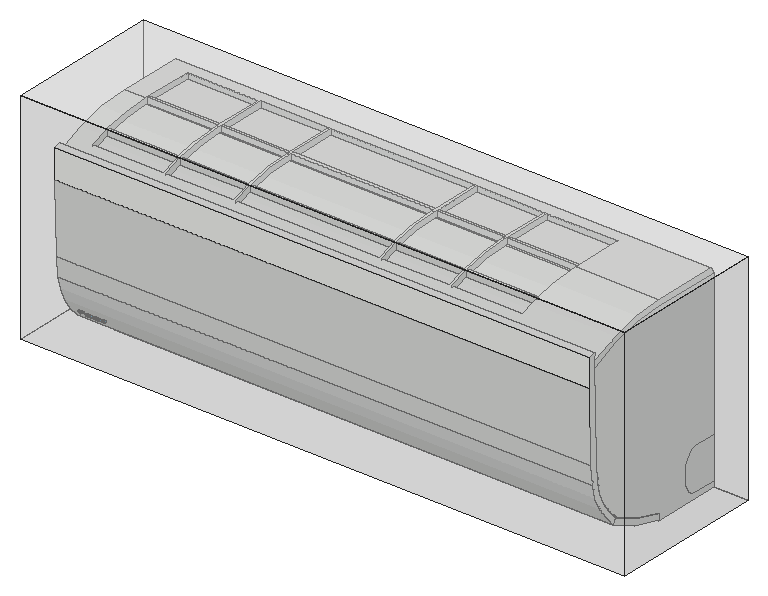
Revit family "outputfile", category 機械設備, Revit 2024
Family settings
  丸型コネクタ寸法 = 半径を使用
  パーツ タイプ = 標準
  OmniClass 番号 = 23.75.10.24.21.27.27
  OmniClass タイトル = Split System Air Conditioning Units
  作業面ベース = いいえ
  常に垂直 = はい
  ロード時にボイドで切り取り = いいえ
  注釈の向きを維持 = いいえ
  共有 = いいえ
  部屋計算ポイント = いいえ
Parameters (values of type "FTXF46W2VMA")
  Description = ""
  書き出し IFC クラス(タイプ) = "IfcUnitaryEquipmentType"
  定義済み IFC タイプ(タイプ) = "AIRCONDITIONINGUNIT"
  Cost = 0
  Type Comments = ""
  Keynote = ""
  Type Image = (empty or 0)
  Assembly Code = ""
  w_wall hole = if(Width = 770.0 mm, 48.0 mm, 60.0 mm)  # 48.0 mm
  製造元 = "Daikin"
  モデル = "FTXF46W2VMA"
  switch_frequency = yes
  r_Liquid Pipe Size = Liquid Pipe Size / 2  # 3.2 mm
  r_Gas Pipe Size = Gas Pipe Size / 2  # 6.35 mm
  r_Drain Pipe Size = Drain Pipe Size / 2  # 8.0 mm
  lw_powersupply [instance] = if(Width = 770.0 mm, if(or(Rear Right Connection_refrigerant, Bottom Right Connection_refrigerant), 25.0 mm, if(or(Rear Left Connection_refrigerant, Bottom Left Connection_refrigerant), 745.0 mm, 400.0 mm)), if(Width = 990.0 mm, if(or(Rear Right Connection_refrigerant, Bottom Right Connection_refrigerant), 40.0 mm, if(or(Rear Left Connection_refrigerant, Bottom Left Connection_refrigerant), 920.0 mm, 400.0 mm)), if(or(Rear Right Connection_refrigerant, Bottom Right Connection_refrigerant), 40.0 mm, if(or(Rear Left Connection_refrigerant, Bottom Left Connection_refrigerant), 920.0 mm, 400.0 mm))))  # 400.0 mm
  lw_liquidpipe [instance] = if(Width = 770.0 mm, if(or(Rear Right Connection_refrigerant, Bottom Right Connection_refrigerant), 0.0 mm, if(or(Rear Left Connection_refrigerant, Bottom Left Connection_refrigerant), 664.0 mm, 385.0 mm)), if(Width = 990.0 mm, if(or(Rear Right Connection_refrigerant, Bottom Right Connection_refrigerant), 0.0 mm, if(or(Rear Left Connection_refrigerant, Bottom Left Connection_refrigerant), 664.0 mm + (990.0 mm - 770.0 mm), 475.0 mm)), if(or(Rear Right Connection_refrigerant, Bottom Right Connection_refrigerant), 0.0 mm, if(or(Rear Left Connection_refrigerant, Bottom Left Connection_refrigerant), 664.0 mm + (990.0 mm - 770.0 mm), 475.0 mm))))  # 385.0 mm
  lw_gaspipe [instance] = if(Width = 770.0 mm, if(or(Rear Right Connection_refrigerant, Bottom Right Connection_refrigerant), 0.0 mm, if(or(Rear Left Connection_refrigerant, Bottom Left Connection_refrigerant), 675.0 mm, if(Gas Pipe Size = 12.7 mm, 335.0 mm, 335.0 mm))), if(Width = 990.0 mm, if(or(Rear Right Connection_refrigerant, Bottom Right Connection_refrigerant), 10.0 mm, if(or(Rear Left Connection_refrigerant, Bottom Left Connection_refrigerant), 890.0 mm, if(Gas Pipe Size = 15.9 mm, 400.0 mm, 400.0 mm))), if(or(Rear Right Connection_refrigerant, Bottom Right Connection_refrigerant), 10.0 mm, if(or(Rear Left Connection_refrigerant, Bottom Left Connection_refrigerant), 890.0 mm, if(Gas Pipe Size = 15.9 mm, 400.0 mm, 400.0 mm)))))  # 335.0 mm
  lw_drainpipe [instance] = if(Width = 770.0 mm, if(or(Rear Right Connection_refrigerant, Bottom Right Connection_refrigerant), 0.0 mm, if(or(Rear Left Connection_refrigerant, Bottom Left Connection_refrigerant), 770.0 mm - 48.0 mm - 48.0 mm, 440.0 mm)), if(Width = 990.0 mm, if(or(Rear Right Connection_refrigerant, Bottom Right Connection_refrigerant), 0.0 mm, if(or(Rear Left Connection_refrigerant, Bottom Left Connection_refrigerant), 675.0 mm + (990.0 mm - 770.0 mm), 435.0 mm)), if(or(Rear Right Connection_refrigerant, Bottom Right Connection_refrigerant), 0.0 mm, if(or(Rear Left Connection_refrigerant, Bottom Left Connection_refrigerant), 675.0 mm + (990.0 mm - 770.0 mm), 435.0 mm))))  # 440.0 mm
  l_powersupply_length [instance] = if(Width = 770.0 mm, if(Right Connection_refrigerant, 400.0 mm, if(Left Connection_refrigerant, 770.0 mm - 400.0 mm, if(or(Rear Left Connection_refrigerant, Rear Right Connection_refrigerant), 15.0 mm, 50.0 mm))), if(Width = 990.0 mm, if(Right Connection_refrigerant, 400.0 mm, if(Left Connection_refrigerant, 990.0 mm - 400.0 mm, if(or(Rear Left Connection_refrigerant, Rear Right Connection_refrigerant), 15.0 mm, 50.0 mm))), if(Right Connection_refrigerant, 400.0 mm, if(Left Connection_refrigerant, 990.0 mm - 400.0 mm, if(or(Rear Left Connection_refrigerant, Rear Right Connection_refrigerant), 15.0 mm, 50.0 mm)))))  # 400.0 mm
  l_liquidpipe_length [instance] = if(Width = 770.0 mm, if(Right Connection_refrigerant, 433.0 mm, if(Left Connection_refrigerant, 337.0 mm, if(or(Rear Left Connection_refrigerant, Rear Right Connection_refrigerant), 30.0 mm, 40.0 mm))), if(Width = 990.0 mm, if(Right Connection_refrigerant, 535.0 mm, if(Left Connection_refrigerant, 455.0 mm, if(or(Rear Left Connection_refrigerant, Rear Right Connection_refrigerant), 30.0 mm, 40.0 mm))), if(Right Connection_refrigerant, 535.0 mm, if(Left Connection_refrigerant, 455.0 mm, if(or(Rear Left Connection_refrigerant, Rear Right Connection_refrigerant), 30.0 mm, 40.0 mm)))))  # 433.0 mm
  l_gaspipe_length [instance] = if(Width = 770.0 mm, if(Right Connection_refrigerant, if(Gas Pipe Size = 12.7 mm, 383.0 mm, 383.0 mm), if(Left Connection_refrigerant, if(Gas Pipe Size = 12.7 mm, 770.0 mm - 383.0 mm, 770.0 mm - 383.0 mm), if(or(Rear Left Connection_refrigerant, Rear Right Connection_refrigerant), 40.0 mm, 50.0 mm))), if(Width = 990.0 mm, if(Right Connection_refrigerant, if(Gas Pipe Size = 15.9 mm, 460.0 mm, 460.0 mm), if(Left Connection_refrigerant, if(Gas Pipe Size = 15.9 mm, 990.0 mm - 460.0 mm, 990.0 mm - 460.0 mm), if(or(Rear Left Connection_refrigerant, Rear Right Connection_refrigerant), 40.0 mm, 50.0 mm))), if(Right Connection_refrigerant, if(Gas Pipe Size = 15.9 mm, 460.0 mm, 460.0 mm), if(Left Connection_refrigerant, if(Gas Pipe Size = 15.9 mm, 990.0 mm - 460.0 mm, 990.0 mm - 460.0 mm), if(or(Rear Left Connection_refrigerant, Rear Right Connection_refrigerant), 40.0 mm, 50.0 mm)))))  # 383.0 mm
  l_drainpipe_length [instance] = if(Width = 770.0 mm, if(Right Connection_refrigerant, 488.0 mm, if(Left Connection_refrigerant, 282.0 mm, if(or(Rear Left Connection_refrigerant, Rear Right Connection_refrigerant), 15.0 mm, 20.0 mm))), if(Width = 990.0 mm, if(Right Connection_refrigerant, 495.0 mm, if(Left Connection_refrigerant, 495.0 mm, if(or(Rear Left Connection_refrigerant, Rear Right Connection_refrigerant), 15.0 mm, 20.0 mm))), if(Right Connection_refrigerant, 495.0 mm, if(Left Connection_refrigerant, 495.0 mm, if(or(Rear Left Connection_refrigerant, Rear Right Connection_refrigerant), 15.0 mm, 20.0 mm)))))  # 488.0 mm
  h*** = 0.0 mm  # constant formula
  connector_voltage = Voltage_50Hz  # 230 V
  connector_powerinput = if([Power Input (Cooling)] > [Power Input (Heating)], [Power Input (Cooling)], [Power Input (Heating)])  # 0.000 kW
  connector_phase = Phase_50Hz  # 1
  angle_vertical [instance] = if(or(Bottom Left Connection_refrigerant, Bottom Right Connection_refrigerant), 0.00°, 90.00°)  # 90.00°
  angle_horizontal [instance] = if(Right Connection_refrigerant, 90.00°, if(Left Connection_refrigerant, -90.00°, if(or(Rear Left Connection_refrigerant, Rear Right Connection_refrigerant), 180.00°, 0.00°)))  # 90.00°
  Width = 770.0 mm
  Voltage_comment_50Hz = "220 - 240"
  Voltage_50Hz = 230 V
  Version = "ver.1.0"
  Unit Type = "Wall Mounted"
  Unit Mass Weight = 9.00 kg
  Unit Designation [instance] = ""
  Uniclass2015Version = "Products v1.30"
  Uniclass2015Title = "Split coil room air conditioning units"
  Uniclass2015Code = "Pr_70_65_03_86"
  URL = ""
  Total Heating Capacity [instance] = 0.000 kW
  Total Cooling Capacity [instance] = 0.000 kW
  Sound Pressure Level_M speed (dBA) = 39
  Sound Pressure Level_L speed (dBA) = 35
  Sound Pressure Level_H speed (dBA) = 44
  Sound Power Level_H speed (dB) = 0
  Series = "Single Split_Fan Coil Unit"
  Sensible Cooling Capacity [instance] = 0.000 kW
  Refrigerant Type = "R32"
  Power Input (Heating) = 0.000 kW
  Power Input (Cooling) = 0.000 kW
  Phase_50Hz = 1
  Option Accessory 3 [instance] = ""
  Option Accessory 2 [instance] = ""
  Option Accessory 1 [instance] = ""
  Nominal Heating Capacity = 4.700 kW
  Nominal Cooling Capacity = 4.600 kW
  Minimum Circuit Amps_50Hz = 0.0 A
  Minimum Airflow = 498.00 m³/h
  Median Airflow = 606.00 m³/h
  Maximum Fuse Amps_50Hz = 0.0 A
  Maximum Airflow = 720.00 m³/h
  Material_Casing = DAIKIN_PureWhite_Casing_indoorunit
  Load Classification = HVAC
  Liquid Pipe Size = 6.4 mm
  Link_Nested Family [instance] = ""
  IfcVersion = ""
  IfcExportType = "AIRCONDITIONINGUNIT"
  IfcExportAs = "IfcUnitaryEquipmentType"
  Height = 285.0 mm
  Heating Entering Wet Bulb Temperature [instance] = 0.00 °C
  Heating Entering Dry Bulb Temperature [instance] = 0.00 °C
  Heating Ambient Wet Bulb Temperature [instance] = 0.00 °C
  Heating Ambient Dry Bulb Temperature [instance] = 0.00 °C
  Heat Exchanger Type = "Cross Fin Coil"
  Gas Pipe Size = 12.7 mm
  Frequency_50Hz = 50 Hz
  Fan Type = "Cross Flow Fan"
  Fan Drive = "Direct Drive"
  FCU Tag No. [instance] = ""
  Drain Pipe Size = 16.0 mm
  Design Supply Airflow [instance] = 0.00 m³/h
  Depth = 223.0 mm
  既定の高さ = 0.0 mm
  Cooling Entering Wet Bulb Temperature [instance] = 0.00 °C
  Cooling Entering Dry Bulb Temperature [instance] = 0.00 °C
  Cooling Ambient Wet Bulb Temperature [instance] = 0.00 °C
  Cooling Ambient Dry Bulb Temperature [instance] = 0.00 °C
  Clearance visibility [instance] = yes
  Clearance Top = 30.0 mm
  Clearance Right = 50.0 mm
  Clearance Rear = 0.0 mm
  Clearance Left = 50.0 mm
  Clearance Front = 0.0 mm
  Clearance Bottom = 0.0 mm
  Bottom Right Connection_refrigerant [instance] = no
  Bottom Left Connection_refrigerant [instance] = no
  Rear Right Connection_refrigerant [instance] = no
  Rear Left Connection_refrigerant [instance] = no
  Right Connection_refrigerant [instance] = yes
  Left Connection_refrigerant [instance] = no
Reference planes
  plane 1 "Back": y = 0
  plane 2: z = 0
  plane 3 "Center (Left/Right)": x = 0
  plane 4 "Center (Front/Back)": y = -111.5
  plane 5 "Front": y = -223
  plane 6 "Left": x = -385
  plane 7 "Right": x = 385
  plane 8 "Top": z = 0
  plane 9 "Bottom": z = -285
  plane 10: x = -435
  plane 11: x = 435
  plane 12: y = 0
  plane 13: y = -223
  plane 14: z = 30
  plane 15: z = -285
  plane 16 "lw_Piping and Wiring intake": x = 337
  plane 17 "lw_gaspipe": x = 2
  plane 18 "lw_liquidpipe": x = -48
  plane 19 "lw_drainpipe": x = -103
  plane 20 "lh_drainpipe": z = -265
  plane 21 "lh_liquidpipe": z = -245
  plane 22 "lh_gaspipe": z = -235
  plane 23 "ld_drainpipe": y = -15
  plane 24 "ld_liquidpipe": y = -30
  plane 25 "ld_gaspipe": y = -40
  plane 26 "lw_powersupply": x = -15
Dimensions and locks
  equal spacing: plane 6 "Left", plane 3 "Center (Left/Right)", plane 7 "Right"
  "Width": plane 6 "Left" to plane 7 "Right"
  equal spacing: plane 5 "Front", plane 4 "Center (Front/Back)", plane 1 "Back"
  "Depth": plane 5 "Front" to plane 1 "Back"
  "Height": plane 8 "Top" to plane 9 "Bottom"
  "Clearance Rear": plane 12 to plane 1 "Back"
  "Clearance Front": plane 13 to plane 5 "Front"
  "Clearance Top": plane 14 to plane 8 "Top"
  "Clearance Bottom": plane 9 "Bottom" to plane 15
  "w_wall hole": plane 16 "lw_Piping and Wiring intake" to plane 7 "Right"
  "lw_gaspipe": plane 17 "lw_gaspipe" to plane 16 "lw_Piping and Wiring intake"
  "lw_liquidpipe": plane 18 "lw_liquidpipe" to plane 16 "lw_Piping and Wiring intake"
  "lw_drainpipe": plane 19 "lw_drainpipe" to plane 16 "lw_Piping and Wiring intake"
  locked: plane 20 "lh_drainpipe" to plane 9 "Bottom" at 20
  locked: plane 21 "lh_liquidpipe" to plane 9 "Bottom" at 40
  locked: plane 22 "lh_gaspipe" to plane 9 "Bottom" at 50
  locked: plane 23 "ld_drainpipe" to plane 1 "Back" at 15
  locked: plane 1 "Back" to plane 24 "ld_liquidpipe" at 30
  locked: plane 1 "Back" to plane 25 "ld_gaspipe" at 40
  "lw_powersupply": plane 26 "lw_powersupply" to plane 7 "Right"
  "Clearance Left": plane 10 to plane 6 "Left"
  "Clearance Right": plane 7 "Right" to plane 11
  aligned and locked: level to plane 2
  aligned and locked: plane 12 to nested 1
  aligned and locked: nested 1 to plane 13
  aligned and locked: plane 10 to nested 1
  aligned and locked: plane 11 to nested 1
  aligned and locked: plane 15 to nested 1
  aligned and locked: plane 14 to nested 1
  aligned and locked: plane 17 "lw_gaspipe" to nested 2
  aligned and locked: nested 2 to plane 25 "ld_gaspipe"
  aligned and locked: plane 18 "lw_liquidpipe" to nested 3
  aligned and locked: nested 3 to plane 24 "ld_liquidpipe"
  aligned and locked: plane 19 "lw_drainpipe" to nested 4
  aligned and locked: nested 4 to plane 23 "ld_drainpipe"
  aligned and locked: nested 5 to plane 23 "ld_drainpipe"
  aligned and locked: plane 26 "lw_powersupply" to nested 5
  aligned and locked: level to plane 8 "Top"
  aligned and locked: plane 3 "Center (Left/Right)" to nested 6
  aligned and locked: plane 1 "Back" to nested 6
  aligned and locked: plane 8 "Top" to nested 6
Nested families
  nested 1: "daikin_clearancespace" at (0, -111.5, -127.381), show <- "Clearance visibility", visible <- "Clearance visibility", Link_Nested Family <- "Link_Nested Family", type "daikin_clearancespace"
    with width 870.0 mm, show yes, height 315.0 mm, depth 223.0 mm, Link_Nested Family ""
  nested 2: "daikin_connector_rotate3" at (2, -40, -235), angle_vertical <- "angle_vertical", angle_horizontal <- "angle_horizontal", length <- "l_gaspipe_length", radius <- "r_Gas Pipe Size", type "daikin_connector_rotate3"
    with show no, radius 6.35 mm, length 383.0 mm, angle_vertical 90.00°, angle_horizontal 90.00°
  nested 3: "daikin_connector_rotate3" at (-48, -30, -245), angle_vertical <- "angle_vertical", angle_horizontal <- "angle_horizontal", radius <- "r_Liquid Pipe Size", length <- "l_liquidpipe_length", type "daikin_connector_rotate3"
    with show no, radius 3.2 mm, length 433.0 mm, angle_vertical 90.00°, angle_horizontal 90.00°
  nested 4: "daikin_connector_rotate3" at (-103, -15, -265), angle_vertical <- "angle_vertical", angle_horizontal <- "angle_horizontal", length <- "l_drainpipe_length", radius <- "r_Drain Pipe Size", type "daikin_connector_rotate3"
    with show no, radius 8.0 mm, length 488.0 mm, angle_vertical 90.00°, angle_horizontal 90.00°
  nested 5: "daikin_connector_rotate3" at (-15, -15, -235), angle_vertical <- "angle_vertical", angle_horizontal <- "angle_horizontal", length <- "l_powersupply_length", type "daikin_connector_rotate3"
    with show no, radius 10.0 mm, length 400.0 mm, angle_vertical 90.00°, angle_horizontal 90.00°
  nested 6: "DAIKIN_indoorunit_FTXF-W2VMA" at (-31, 0, 0), type "FTXF-W2VMA"
Connectors
  piping at (385, -40, -235), diameter 12.7, driven by "r_Gas Pipe Size"
    settings: on nested 2, index 1, connector inside diameter 609.6 mm, connector length 0.0 mm, flow factor 0, pipe flow 0.00 m³/h, pressure drop 0.0 Pa, fitting loss kfactor 0, connector angle 0.00°, fixture units 0, engagement length 0.0 mm, angle of deflection 0.00°, flow configuration 1, flow direction 2, fitting loss method 0, system type 29, joint type 0, gender type 0, connector reference index -1, connector utility 0, adjustable connector no, is connector primary yes, connector description "Refrigerant Gas Piping"
  piping at (385, -30, -245), diameter 6.4, driven by "r_Liquid Pipe Size"
    settings: on nested 3, index 2, connector inside diameter 609.6 mm, connector length 0.0 mm, flow factor 0, pipe flow 0.00 m³/h, pressure drop 0.0 Pa, fitting loss kfactor 0, connector angle 0.00°, fixture units 0, engagement length 0.0 mm, angle of deflection 0.00°, flow configuration 1, flow direction 1, fitting loss method 0, system type 29, joint type 0, gender type 0, connector reference index -1, connector utility 0, adjustable connector no, is connector primary no, connector description "Refrigerant Liquid Piping"
  piping at (385, -15, -265), diameter 16, driven by "r_Drain Pipe Size"
    settings: on nested 4, index 3, connector inside diameter 609.6 mm, connector length 0.0 mm, flow factor 0, pipe flow 0.00 m³/h, pressure drop 0.0 Pa, fitting loss kfactor 0, connector angle 0.00°, fixture units 0, engagement length 0.0 mm, angle of deflection 0.00°, flow configuration 1, flow direction 2, fitting loss method 4, system type 16, joint type 0, gender type 0, connector reference index -1, connector utility 0, adjustable connector no, is connector primary no, connector description "Condensate Drain Piping"
  electrical at (385, -15, -235), driven by "Load Classification", driven by "connector_powerinput", driven by "connector_voltage", driven by "connector_phase"
    settings: on nested 5, index 4, voltage 230 V, apparent load 0 VA, apparent load phase1 0 VA, apparent load phase2 0 VA, apparent load phase3 0 VA, power factor 1, load classification "HVAC", number of poles 1, system type 30, power factor state 1, is connector primary yes, connector utility no, sub classification motor no, connector description "Power Supply"
Definition of nested family "daikin_clearancespace"
  Parameters (values of type "daikin_clearancespace")
    Description = "daikin_clearancespace"
    width [instance] = 1823.963 mm
    show [instance] = yes
    material = none
    height [instance] = 1359.762 mm
    depth [instance] = 880.0 mm
    Default Elevation = 0.0 mm
    Link_Nested Family [instance] = ""
  Reference planes
    plane 1 "Center (Front/Back)": y = 0
    plane 2 "Center (Elevation)": z = -0.119
    plane 3 "Center (Left/Right)": x = 0
    plane 4: y = 440
    plane 5: y = -440
    plane 6 "Right": x = 911.982
    plane 7 "Left": x = -911.982
    plane 8 "Top": z = 679.762
    plane 9 "Bottom": z = -680
  Forms (mm)
    Extrusion 1, solid, material <- "material", visible <- "show"
      sketch origin (0, 0, 0) x (1, 0, 0) y (0, 1, 0)
        loop
          line (-911.982, 440) -> (-911.982, -440) -> (911.982, -440) -> (911.982, 440) -> (-911.982, 440)
      from -680 to 679.762
  Lines and regions (mm)
    symbolic lines, visible <- "show"
      curve 1: line (911.982, 440, 0) -> (-911.982, 440, 0)
      curve 2: line (-911.982, 440, 0) -> (-911.982, -440, 0)
      curve 3: line (-911.982, -440, 0) -> (911.982, -440, 0)
      curve 4: line (911.982, -440, 0) -> (911.982, 440, 0)
      curve 5: line (911.982, 0, 679.762) -> (-911.982, 0, 679.762)
      curve 6: line (911.982, 0, -680) -> (911.982, 0, 679.762)
      curve 7: line (-911.982, 0, -680) -> (911.982, 0, -680)
      curve 8: line (-911.982, 0, 679.762) -> (-911.982, 0, -680)
      curve 9: line (0, 440, 679.762) -> (0, -440, 679.762)
      curve 10: line (0, -440, 679.762) -> (0, -440, -680)
      curve 11: line (0, 440, -680) -> (0, 440, 679.762)
      curve 12: line (0, -440, -680) -> (0, 440, -680)
  Dimensions and locks
    "width": plane 7 "Left" to plane 6 "Right"
    "depth": plane 4 to plane 5
    "height": plane 8 "Top" to plane 9 "Bottom"
    equal spacing: plane 7 "Left", plane 3 "Center (Left/Right)", plane 6 "Right"
    equal spacing: plane 4, plane 1 "Center (Front/Back)", plane 5
    equal spacing: plane 8 "Top", plane 2 "Center (Elevation)", plane 9 "Bottom"
    aligned and locked: level to plane 2 "Center (Elevation)"
    aligned and locked: Extrusion 1 sketch curve to plane 4
    aligned and locked: plane 7 "Left" to Extrusion 1 sketch curve
    aligned and locked: Extrusion 1 sketch curve to plane 5
    aligned and locked: Extrusion 1 sketch curve to plane 6 "Right"
    aligned and locked: plane 8 "Top" to Extrusion 1
    aligned and locked: curve 1 to Extrusion 1
    aligned and locked: curve 2 to Extrusion 1
    aligned and locked: curve 3 to Extrusion 1
    aligned and locked: curve 4 to Extrusion 1
    aligned and locked: curve 5 to Extrusion 1
    aligned and locked: curve 6 to Extrusion 1
    aligned and locked: curve 7 to Extrusion 1
    aligned and locked: curve 8 to Extrusion 1
    aligned and locked: curve 9 to Extrusion 1
    aligned and locked: curve 10 to Extrusion 1
    aligned and locked: curve 11 to Extrusion 1
    aligned and locked: curve 12 to Extrusion 1
    aligned and locked: Extrusion 1 to plane 9 "Bottom"
Definition of nested family "DAIKIN_indoorunit_FTXF-W2VMA"
  Parameters (values of type "FTKF-TVMA")
    switch_unit1_60-71 = Width = 990.0 mm  # no
    switch_unit1_20-50 = Width = 770.0 mm  # yes
    Width = 770.0 mm
    WALL HOLE-R = if(Width = 770.0 mm, 48.0 mm, 60.0 mm)  # 48.0 mm
    WALL HOLE Size = if(Width = 770.0 mm, 65.0 mm, 80.0 mm)  # 65.0 mm
    Material_Casing = none
    Height = if(Width = 770.0 mm, 285.0 mm, 295.0 mm)  # 285.0 mm
    Default Elevation = 0.0 mm
  Reference planes
    plane 1 "Center (Front/Back)": y = 0
    plane 2 "reference_level": z = 0
    plane 3 "Center (Left/Right)": x = 31
    plane 4: x = -354
    plane 5: x = 416
    plane 6: z = -285
  Forms (mm)
    Extrusion 1, solid, material <- "Material_Casing", visible <- "switch_unit1_20-50"
      sketch origin (29, 0, 0) x (0, 1, 0) y (0, 0, 1)
        loop
          line (-5, 0) -> (-98, 0)
          arc (-98, 0) -> (-157.611, -7.211) -> (-213.783, -28.427) r 250
          arc (-213.783, -28.427) -> (-213.842, -32.972) -> (-213.892, -37.516) r 2191
          arc (-213.892, -37.516) -> (-157.832, -15.495) -> (-98.07, -8) r 242
          line (-98.07, -8) -> (0, -8) -> (-5, 0)
      from -383 to 387
    Extrusion 2, solid, material <- "Material_Casing", visible <- "switch_unit1_20-50"
      sketch origin (416, 1296.25, 1200) x (0, 1, 0) y (0, 0, 1)
        loop
          line (-1472.998, -1446.91) -> (-1476.998, -1453.839)
          arc (-1476.998, -1453.839) -> (-1437.481, -1472.422) -> (-1395.25, -1483.538) r 240
          line (-1395.25, -1483.538) -> (-1395.25, -1475.422)
          arc (-1395.25, -1475.422) -> (-1435.407, -1464.663) -> (-1472.998, -1446.91) r 232
      from 0 to -47.5
    Extrusion 3, solid, material <- "Material_Casing", visible <- "switch_unit1_20-50"
      sketch origin (29, 0, 0) x (0, 1, 0) y (0, 0, 1)
        loop
          arc (-223, -60.455) -> (-222.414, -110.646) -> (-220.656, -160.81) r 2149.92
          arc (-220.656, -160.81) -> (-219.65, -174.299) -> (-217.853, -187.706) r 229.911
          arc (-217.853, -187.706) -> (-205.371, -223.594) -> (-181.517, -253.17) r 111
          line (-181.517, -253.17) -> (-177.429, -246.093)
          arc (-177.429, -246.093) -> (-198.77, -218.989) -> (-209.965, -186.36) r 103
          arc (-209.965, -186.36) -> (-211.681, -173.586) -> (-212.651, -160.735) r 221.844
          arc (-212.651, -160.735) -> (-214.739, -93.233) -> (-214.74, -25.699) r 2186.828
          arc (-214.74, -25.699) -> (-214.671, -21.467) -> (-214.594, -17.235) r 2192
          line (-214.594, -17.235) -> (-223, -19.961) -> (-223, -60.455)
      from -383 to 387
    Extrusion 4, solid, material <- "Material_Casing", visible <- "switch_unit1_20-50"
      sketch origin (29, 0, -20) x (0, 1, 0) y (0, 0, 1)
        loop
          line (0, -265) -> (0, 12) -> (-98.07, 12)
          arc (-98.07, 12) -> (-157.832, 4.505) -> (-213.892, -17.516) r 242
          arc (-213.892, -17.516) -> (-213.638, -79.114) -> (-211.653, -140.681) r 2191
          arc (-211.653, -140.681) -> (-210.685, -153.501) -> (-208.973, -166.243) r 221
          arc (-208.973, -166.243) -> (-197.471, -199.282) -> (-175.482, -226.491) r 102
          arc (-175.482, -226.491) -> (-138.004, -244.019) -> (-98, -254.579) r 231
          line (-98, -254.579) -> (-98, -265) -> (0, -265)
      from -383 to 387
    Extrusion 5, solid, material <- "Material_Casing", visible <- "switch_unit1_20-50"
      sketch origin (-354, 1296.25, 1200) x (0, 1, 0) y (0, 0, 1)
        loop
          line (-1472.998, -1446.91) -> (-1476.998, -1453.839)
          arc (-1476.998, -1453.839) -> (-1437.481, -1472.422) -> (-1395.25, -1483.538) r 240
          line (-1395.25, -1483.538) -> (-1395.25, -1475.422)
          arc (-1395.25, -1475.422) -> (-1435.407, -1464.663) -> (-1472.998, -1446.91) r 232
      from 47 to 0
    Extrusion 6, solid, material <- "Material_Casing", visible <- "switch_unit1_20-50"
      sketch origin (416, 1296.25, 1200) x (0, 1, 0) y (0, 0, 1)
        loop
          line (-1472.998, -1446.91) -> (-1476.998, -1453.839)
          arc (-1476.998, -1453.839) -> (-1443.437, -1470.168) -> (-1407.75, -1481.097) r 240
          line (-1407.75, -1481.097) -> (-1407.75, -1472.894)
          arc (-1407.75, -1472.894) -> (-1441.363, -1462.385) -> (-1472.998, -1446.91) r 232
      from -116.993 to -48.493
    Extrusion 7, solid, material <- "Material_Casing", visible <- "switch_unit1_20-50"
      sketch origin (416, 1296.25, 1200) x (0, 1, 0) y (0, 0, 1)
        loop
          line (-1472.998, -1446.91) -> (-1476.998, -1453.839)
          arc (-1476.998, -1453.839) -> (-1443.437, -1470.168) -> (-1407.75, -1481.097) r 240
          line (-1407.75, -1481.097) -> (-1407.75, -1472.894)
          arc (-1407.75, -1472.894) -> (-1441.363, -1462.385) -> (-1472.998, -1446.91) r 232
      from -717 to -121.993
    Extrusion 8, void
      sketch origin (31, 0, -235) x (1, 0, 0) y (0, 1, 0)
        loop
          line (-252.674, -22.316) -> (-354.941, -22.316) -> (-354.941, -91.341) -> (-252.674, -91.341) -> (-252.674, -22.316)
        loop
          line (-249.341, -91.341) -> (-151.574, -91.341) -> (-151.574, -22.316) -> (-249.341, -22.316) -> (-249.341, -91.341)
        loop
          line (58.309, -22.316) -> (-148.309, -22.316) -> (-148.309, -91.341) -> (58.309, -91.341) -> (58.309, -22.316)
        loop
          line (61.689, -22.316) -> (61.689, -91.341) -> (159.457, -91.341) -> (159.457, -22.316) -> (61.689, -22.316)
        loop
          line (162.789, -22.316) -> (162.789, -91.341) -> (265.057, -91.341) -> (265.057, -22.316) -> (162.789, -22.316)
        loop
          line (-354.941, -94.659) -> (-354.941, -165.259) -> (-252.674, -165.259) -> (-252.674, -94.659) -> (-354.941, -94.659)
        loop
          line (-249.341, -94.659) -> (-249.341, -165.259) -> (-151.574, -165.259) -> (-151.574, -94.659) -> (-249.341, -94.659)
        loop
          line (-148.309, -94.659) -> (-148.309, -165.259) -> (58.309, -165.259) -> (58.309, -94.659) -> (-148.309, -94.659)
        loop
          line (61.689, -94.659) -> (61.689, -165.259) -> (159.457, -165.259) -> (159.457, -94.659) -> (61.689, -94.659)
        loop
          line (162.789, -94.659) -> (162.789, -165.259) -> (265.057, -165.259) -> (265.057, -94.659) -> (162.789, -94.659)
        loop
          line (-354.941, -167.382) -> (-354.941, -192.681) -> (-252.674, -192.681) -> (-252.674, -167.382) -> (-354.941, -167.382)
        loop
          line (-249.341, -167.382) -> (-249.341, -192.681) -> (-151.574, -192.681) -> (-151.574, -167.382) -> (-249.341, -167.382)
        loop
          line (-148.309, -167.382) -> (-148.309, -192.681) -> (58.309, -192.681) -> (58.309, -167.382) -> (-148.309, -167.382)
        loop
          line (159.457, -167.382) -> (61.689, -167.382) -> (61.689, -192.681) -> (159.457, -192.681) -> (159.457, -167.382)
        loop
          line (265.057, -167.382) -> (162.789, -167.382) -> (162.789, -192.681) -> (265.057, -192.681) -> (265.057, -167.382)
      from 201.638 to 250
    Extrusion 9, solid, material <- "Material_Casing"
      sketch origin (31, 0, 0) x (1, 0, 0) y (0, 0, 1)
        loop
          circle (337, -240.5) r 32.5
        loop
          circle (-337, -240.5) r 32.5
      from 0 to 5
    Extrusion 10, solid, material <- "Material_Casing", visible <- "switch_unit1_20-50"
      sketch origin (416, 1296.25, 1200) x (0, -1, 0) y (0, 0, 1)
        loop
          line (1326.25, -1417) -> (1296.25, -1417) -> (1296.25, -1477) -> (1326.25, -1477)
          arc (1326.25, -1477) -> (1340.393, -1471.142) -> (1346.25, -1457) r 20
          line (1346.25, -1457) -> (1346.25, -1437)
          arc (1346.25, -1437) -> (1340.393, -1422.858) -> (1326.25, -1417) r 20
      from 0 to 5
    Extrusion 11, solid, material <- "Material_Casing", visible <- "switch_unit1_20-50"
      sketch origin (-354, 1296.25, 1200) x (0, 1, 0) y (0, 0, 1)
        loop
          line (-1296.25, -1417) -> (-1326.25, -1417)
          arc (-1326.25, -1417) -> (-1340.393, -1422.858) -> (-1346.25, -1437) r 20
          line (-1346.25, -1437) -> (-1346.25, -1457)
          arc (-1346.25, -1457) -> (-1340.393, -1471.142) -> (-1326.25, -1477) r 20
          line (-1326.25, -1477) -> (-1296.25, -1477) -> (-1296.25, -1417)
      from 0 to 5
    Extrusion 12, solid, material <- "Material_Casing", visible <- "switch_unit1_20-50"
      sketch origin (31, 0, -285) x (-1, 0, 0) y (0, -1, 0)
        loop
          line (-314, 0) -> (-314, 30)
          arc (-314, 30) -> (-319.858, 44.142) -> (-334, 50) r 20
          line (-334, 50) -> (-354, 50)
          arc (-354, 50) -> (-368.142, 44.142) -> (-374, 30) r 20
          line (-374, 30) -> (-374, 0) -> (-314, 0)
        loop
          line (374, 0) -> (374, 30)
          arc (374, 30) -> (368.142, 44.142) -> (354, 50) r 20
          line (354, 50) -> (334, 50)
          arc (334, 50) -> (319.858, 44.142) -> (314, 30) r 20
          line (314, 30) -> (314, 0) -> (374, 0)
      from 0 to 5
    Extrusion 13, solid, material <- "Material_Casing", visible <- "switch_unit1_60-71"
      sketch origin (31, 0, 0) x (0, 1, 0) y (0, 0, 1)
        loop
          line (-5, 0) -> (-138, 0)
          arc (-138, 0) -> (-197.611, -7.211) -> (-253.783, -28.427) r 250
          arc (-253.783, -28.427) -> (-253.838, -32.687) -> (-253.886, -36.946) r 2191
          arc (-253.886, -36.946) -> (-197.73, -15.346) -> (-138.014, -8) r 246.393
          line (-138.014, -8) -> (0, -8) -> (-5, 0)
      from -495 to 495
    Extrusion 14, solid, material <- "Material_Casing", visible <- "switch_unit1_60-71"
      sketch origin (418, 1296.25, 1200) x (0, 1, 0) y (0, 0, 1)
        loop
          arc (-1515.208, -1454.149) -> (-1506.856, -1460.599) -> (-1497.925, -1466.219) r 110
          arc (-1497.925, -1466.219) -> (-1445.718, -1487.493) -> (-1389.844, -1494.995) r 223
          line (-1389.844, -1494.995) -> (-1389.844, -1486.086) -> (-1404.386, -1486.086)
          arc (-1404.386, -1486.086) -> (-1449.542, -1477.46) -> (-1491.818, -1459.402) r 214.289
          arc (-1491.818, -1459.402) -> (-1501.056, -1453.541) -> (-1509.606, -1446.715) r 101
          line (-1509.606, -1446.715) -> (-1515.208, -1454.149)
      from 108 to 57.5
    Extrusion 15, solid, material <- "Material_Casing", visible <- "switch_unit1_60-71"
      sketch origin (31, 0, 0) x (0, 1, 0) y (0, 0, 1)
        loop
          line (-263, -19.962) -> (-263, -61.6)
          arc (-263, -61.6) -> (-262.414, -110.219) -> (-260.656, -158.81) r 2017.341
          arc (-260.656, -158.81) -> (-255.648, -191.935) -> (-244.041, -223.362) r 164.725
          arc (-244.041, -223.362) -> (-233.569, -239.793) -> (-219.717, -253.495) r 87.379
          line (-219.717, -253.495) -> (-214.706, -246.846)
          arc (-214.706, -246.846) -> (-229.564, -230.029) -> (-240.385, -210.371) r 102
          arc (-240.385, -210.371) -> (-249.049, -182.962) -> (-252.848, -154.467) r 165.789
          arc (-252.848, -154.467) -> (-254.771, -90.102) -> (-254.74, -25.708) r 2122.533
          arc (-254.74, -25.708) -> (-254.671, -21.469) -> (-254.594, -17.23) r 2192
          line (-254.594, -17.23) -> (-263, -19.962)
      from -495 to 495
    Extrusion 16, void
      sketch origin (33, 0, 0) x (1, 0, 0) y (0, 1, 0)
        loop
          line (-466.909, -22.316) -> (-466.909, -111.341) -> (-366.303, -111.341) -> (-366.303, -22.316) -> (-466.909, -22.316)
        loop
          line (-362.71, -22.316) -> (-362.71, -111.341) -> (-262.103, -111.341) -> (-262.103, -22.316) -> (-362.71, -22.316)
        loop
          line (-258.51, -22.316) -> (-258.51, -111.341) -> (-157.904, -111.341) -> (-157.904, -22.316) -> (-258.51, -22.316)
        loop
          line (-154.31, -22.316) -> (-154.31, -111.341) -> (-53.704, -111.341) -> (-53.704, -22.316) -> (-154.31, -22.316)
        loop
          line (-50.11, -22.316) -> (-50.11, -111.341) -> (50.496, -111.341) -> (50.496, -22.316) -> (-50.11, -22.316)
        loop
          line (54.089, -22.316) -> (54.089, -111.341) -> (154.696, -111.341) -> (154.696, -22.316) -> (54.089, -22.316)
        loop
          line (158.289, -22.316) -> (158.289, -111.341) -> (258.895, -111.341) -> (258.895, -22.316) -> (158.289, -22.316)
        loop
          line (262.489, -22.316) -> (262.489, -111.341) -> (363.095, -111.341) -> (363.095, -22.316) -> (262.489, -22.316)
        loop
          line (-466.909, -114.459) -> (-466.909, -185.059) -> (-366.303, -185.059) -> (-366.303, -114.459) -> (-466.909, -114.459)
        loop
          line (-362.71, -114.459) -> (-362.71, -185.059) -> (-262.103, -185.059) -> (-262.103, -114.459) -> (-362.71, -114.459)
        loop
          line (-258.51, -114.459) -> (-258.51, -185.059) -> (-157.904, -185.059) -> (-157.904, -114.459) -> (-258.51, -114.459)
        loop
          line (-154.31, -114.459) -> (-154.31, -185.059) -> (-53.704, -185.059) -> (-53.704, -114.459) -> (-154.31, -114.459)
        loop
          line (-50.11, -114.459) -> (-50.11, -185.059) -> (50.496, -185.059) -> (50.496, -114.459) -> (-50.11, -114.459)
        loop
          line (54.089, -114.459) -> (54.089, -185.059) -> (154.696, -185.059) -> (154.696, -114.459) -> (54.089, -114.459)
        loop
          line (158.289, -114.459) -> (158.289, -185.059) -> (258.895, -185.059) -> (258.895, -114.459) -> (158.289, -114.459)
        loop
          line (262.489, -114.459) -> (262.489, -185.059) -> (363.095, -185.059) -> (363.095, -114.459) -> (262.489, -114.459)
        loop
          line (-466.909, -187.382) -> (-466.909, -232.681) -> (-366.303, -232.681) -> (-366.303, -187.382) -> (-466.909, -187.382)
        loop
          line (-362.71, -187.382) -> (-362.71, -232.681) -> (-262.103, -232.681) -> (-262.103, -187.382) -> (-362.71, -187.382)
        loop
          line (-258.51, -187.382) -> (-258.51, -232.681) -> (-157.904, -232.681) -> (-157.904, -187.382) -> (-258.51, -187.382)
        loop
          line (-154.31, -187.382) -> (-154.31, -232.681) -> (-53.704, -232.681) -> (-53.704, -187.382) -> (-154.31, -187.382)
        loop
          line (-50.11, -187.382) -> (-50.11, -232.681) -> (50.496, -232.681) -> (50.496, -187.382) -> (-50.11, -187.382)
        loop
          line (54.089, -187.382) -> (54.089, -232.681) -> (154.696, -232.681) -> (154.696, -187.382) -> (54.089, -187.382)
        loop
          line (158.289, -187.382) -> (158.289, -232.681) -> (258.895, -232.681) -> (258.895, -187.382) -> (158.289, -187.382)
        loop
          line (262.489, -187.382) -> (262.489, -232.681) -> (363.095, -232.681) -> (363.095, -187.382) -> (262.489, -187.382)
      from -40.013 to 47.268
    Extrusion 17, solid, material <- "Material_Casing", visible <- "switch_unit1_60-71"
      sketch origin (-356, 1296.25, 1200) x (0, 1, 0) y (0, 0, -1)
        loop
          line (-1515.208, 1454.149) -> (-1509.606, 1446.715)
          arc (-1509.606, 1446.715) -> (-1501.056, 1453.541) -> (-1491.818, 1459.402) r 101
          arc (-1491.818, 1459.402) -> (-1449.542, 1477.46) -> (-1404.386, 1486.086) r 214.289
          line (-1404.386, 1486.086) -> (-1389.844, 1486.086) -> (-1389.844, 1494.995)
          arc (-1389.844, 1494.995) -> (-1445.718, 1487.493) -> (-1497.925, 1466.219) r 223
          arc (-1497.925, 1466.219) -> (-1506.856, 1460.599) -> (-1515.208, 1454.149) r 110
      from 108 to 61
    Extrusion 18, solid, material <- "Material_Casing", visible <- "switch_unit1_60-71"
      sketch origin (418, 1296.25, 1200) x (0, 1, 0) y (0, 0, 1)
        loop
          arc (-1515.208, -1454.149) -> (-1506.856, -1460.599) -> (-1497.925, -1466.219) r 110
          arc (-1497.925, -1466.219) -> (-1463.185, -1482.066) -> (-1426.25, -1491.755) r 223
          line (-1426.25, -1491.755) -> (-1426.25, -1483.166)
          arc (-1426.25, -1483.166) -> (-1460.008, -1473.969) -> (-1491.818, -1459.402) r 214.289
          arc (-1491.818, -1459.402) -> (-1501.056, -1453.541) -> (-1509.606, -1446.715) r 101
          line (-1509.606, -1446.715) -> (-1515.208, -1454.149)
      from 56.5 to -36.993
    Extrusion 19, solid, material <- "Material_Casing", visible <- "switch_unit1_60-71"
      sketch origin (418, 1296.25, 1200) x (0, 1, 0) y (0, 0, 1)
        loop
          arc (-1426.25, -1483.166) -> (-1443.442, -1479.224) -> (-1460.25, -1473.881) r 214.289
          line (-1460.25, -1473.881) -> (-1460.25, -1483.089)
          arc (-1460.25, -1483.089) -> (-1443.421, -1488.091) -> (-1426.25, -1491.755) r 223
          line (-1426.25, -1491.755) -> (-1426.25, -1483.166)
      from -43.493 to -828.893
    Extrusion 20, solid, material <- "Material_Casing", visible <- "switch_unit1_60-71"
      sketch origin (418, 1296.25, 1200) x (0, 1, 0) y (0, 0, 1)
        loop
          arc (-1515.208, -1454.149) -> (-1506.856, -1460.599) -> (-1497.925, -1466.219) r 110
          arc (-1497.925, -1466.219) -> (-1479.479, -1475.527) -> (-1460.25, -1483.089) r 223
          line (-1460.25, -1483.089) -> (-1460.25, -1473.881)
          arc (-1460.25, -1473.881) -> (-1476.328, -1467.282) -> (-1491.818, -1459.402) r 214.289
          arc (-1491.818, -1459.402) -> (-1501.056, -1453.541) -> (-1509.606, -1446.715) r 101
          line (-1509.606, -1446.715) -> (-1515.208, -1454.149)
      from -43.493 to -828.893
    Extrusion 21, solid, material <- "Material_Casing", visible <- "switch_unit1_60-71"
      sketch origin (31, 0, -30) x (0, 1, 0) y (0, 0, 1)
        loop
          line (0, 22) -> (-138.014, 22)
          arc (-138.014, 22) -> (-197.73, 14.654) -> (-253.886, -6.946) r 246.393
          arc (-253.886, -6.946) -> (-253.682, -65.635) -> (-251.855, -124.295) r 2120.935
          arc (-251.855, -124.295) -> (-248.086, -152.682) -> (-239.461, -179.988) r 164.789
          arc (-239.461, -179.988) -> (-228.903, -199.231) -> (-214.437, -215.738) r 101
          line (-214.437, -215.738) -> (-212.406, -216.221)
          arc (-212.406, -216.221) -> (-204.07, -222.837) -> (-195.079, -228.53) r 100
          arc (-195.079, -228.53) -> (-145.557, -248.629) -> (-92.593, -255.785) r 213.289
          line (-92.593, -255.785) -> (-92.593, -265) -> (0, -265) -> (0, 22)
      from -495 to 495
    Extrusion 22, solid, material <- "Material_Casing", visible <- "switch_unit1_60-71"
      sketch origin (526, 1296.25, 1200) x (0, -1, 0) y (0, 0, 1)
        loop
          line (1326.25, -1427.035) -> (1296.25, -1427.035) -> (1296.25, -1487.035) -> (1326.25, -1487.035)
          arc (1326.25, -1487.035) -> (1340.393, -1481.177) -> (1346.25, -1467.035) r 20
          line (1346.25, -1467.035) -> (1346.25, -1447.035)
          arc (1346.25, -1447.035) -> (1340.393, -1432.892) -> (1326.25, -1427.035) r 20
      from 0 to 5
    Extrusion 23, solid, material <- "Material_Casing", visible <- "switch_unit1_60-71"
      sketch origin (-459, 1296.25, 1200) x (0, -1, 0) y (0, 0, 1)
        loop
          line (1326.25, -1427.035) -> (1296.25, -1427.035) -> (1296.25, -1487.035) -> (1326.25, -1487.035)
          arc (1326.25, -1487.035) -> (1340.393, -1481.177) -> (1346.25, -1467.035) r 20
          line (1346.25, -1467.035) -> (1346.25, -1447.035)
          arc (1346.25, -1447.035) -> (1340.393, -1432.892) -> (1326.25, -1427.035) r 20
      from 0 to 5
    Extrusion 24, solid, material <- "Material_Casing", visible <- "switch_unit1_60-71"
      sketch origin (31, 200, -295) x (-1, 0, 0) y (0, -1, 0)
        loop
          line (469, 200) -> (469, 230)
          arc (469, 230) -> (463.142, 244.142) -> (449, 250) r 20
          line (449, 250) -> (429, 250)
          arc (429, 250) -> (414.858, 244.142) -> (409, 230) r 20
          line (409, 230) -> (409, 200) -> (469, 200)
        loop
          line (-469, 200) -> (-409, 200) -> (-409, 230)
          arc (-409, 230) -> (-414.858, 244.142) -> (-429, 250) r 20
          line (-429, 250) -> (-449, 250)
          arc (-449, 250) -> (-463.142, 244.142) -> (-469, 230) r 20
          line (-469, 230) -> (-469, 200)
      from 0 to 5
  Cuts and joins
    Extrusion 8 cuts Extrusion 1
    Extrusion 16 cuts Extrusion 13
  Lines and regions (mm)
    reference lines
      curve 1: line (-523, -201.911, -229.404) -> (-523, -193.542, -239.977)
      curve 2: line (-523, -240.779, -229.404) -> (-523, -232.411, -239.977)
  Dimensions and locks
    locked: Extrusion 10 sketch curve to Extrusion 10 sketch curve at 60
    locked: Extrusion 10 sketch curve to Extrusion 10 sketch curve at 50
    locked: Extrusion 12 sketch curve to Extrusion 12 sketch curve at 60  (x2)
    locked: Extrusion 12 sketch curve to Extrusion 12 sketch curve at 50
    equal spacing: plane 5, plane 3 "Center (Left/Right)", plane 4
    "Width": plane 5 to plane 4
    locked: Extrusion 9 sketch curve to plane 4 at 48
    "WALL HOLE-R": plane 5 to Extrusion 9 sketch curve
    "Height": plane 2 "reference_level" to plane 6
    locked: Extrusion 9 sketch curve to plane 6 at 44.5  (x2)
    locked: Extrusion 15 to nested 2 at 15
    locked: Extrusion 22 sketch curve to Extrusion 22 sketch curve at 60
    locked: Extrusion 22 sketch curve to Extrusion 22 sketch curve at 50
    locked: Extrusion 23 sketch curve to Extrusion 23 sketch curve at 60
    locked: Extrusion 23 sketch curve to Extrusion 23 sketch curve at 50
    locked: Extrusion 24 sketch curve to Extrusion 24 sketch curve at 60  (x2)
    locked: Extrusion 24 sketch curve to Extrusion 24 sketch curve at 50  (x2)
    "WALL HOLE Size": diameter of Extrusion 9 sketch curve  (x2)
    aligned and locked: level to plane 2 "reference_level"
    aligned and locked: nested 1 to curve 1
    aligned and locked: Extrusion 11 sketch curve to Extrusion 10  (x4)
    aligned and locked: Extrusion 12 sketch curve to Extrusion 12 sketch curve  (x2)
    aligned and locked: Extrusion 9 to plane 1 "Center (Front/Back)"
    aligned and locked: nested 2 to curve 2
  Automatic sketch dimensions
    curve 1 to level = 239.977 mm
    plane 1 "Center (Front/Back)" to curve 1 = 193.542 mm
    curve 2 to curve 1 = 0.0 mm
    curve 2 to curve 2 = 10.573 mm
    curve 1 to curve 1 = 10.573 mm
    curve 1 to curve 1 = 8.368 mm
    curve 1 to curve 2 = 30.5 mm
    curve 2 to curve 2 = 8.368 mm
    Extrusion 1 sketch curve to level = 0.0 mm
    Extrusion 1 sketch curve to plane 1 "Center (Front/Back)" = 0.0 mm
    plane 1 "Center (Front/Back)" to Extrusion 1 sketch curve = 5.0 mm
    plane 1 "Center (Front/Back)" to Extrusion 1 sketch curve = 98.0 mm
    Extrusion 1 sketch curve to Extrusion 1 sketch curve = 0.07 mm
    Extrusion 1 sketch curve to level = 59.292 mm
    Extrusion 1 sketch curve to plane 1 "Center (Front/Back)" = 1977.0 mm
    Extrusion 1 sketch curve to level = 250.0 mm
    Extrusion 1 sketch curve to Extrusion 1 sketch curve = 0.0 mm
    Extrusion 1 sketch curve to level = 8.0 mm
    Extrusion 1 sketch curve to level = 28.427 mm
    plane 1 "Center (Front/Back)" to Extrusion 2 sketch curve = 180.748 mm
    Extrusion 2 sketch curve to Extrusion 2 sketch curve = 4.0 mm
    Extrusion 2 sketch curve to Extrusion 2 sketch curve = 77.747 mm
    plane 1 "Center (Front/Back)" to Extrusion 2 sketch curve = 59.279 mm
    Extrusion 2 sketch curve to Extrusion 2 sketch curve = 0.0 mm
    Extrusion 2 sketch curve to level = 283.538 mm
    Extrusion 2 sketch curve to Extrusion 2 sketch curve = 8.116 mm
    Extrusion 2 sketch curve to Extrusion 2 sketch curve = 21.583 mm
    Extrusion 2 sketch curve to Extrusion 2 sketch curve = 6.929 mm
    Extrusion 3 sketch curve to level = 19.961 mm
    plane 1 "Center (Front/Back)" to Extrusion 3 sketch curve = 223.0 mm
    Extrusion 3 sketch curve to level = 17.235 mm
    Extrusion 3 sketch curve to Extrusion 3 sketch curve = 8.406 mm
    plane 1 "Center (Front/Back)" to Extrusion 3 sketch curve = 181.517 mm
    Extrusion 3 sketch curve to Extrusion 3 sketch curve = 4.087 mm
    Extrusion 3 sketch curve to Extrusion 3 sketch curve = 69.11 mm
    Extrusion 3 sketch curve to Extrusion 3 sketch curve = 0.001 mm
    Extrusion 3 sketch curve to plane 1 "Center (Front/Back)" = 8.955 mm
    Extrusion 3 sketch curve to Extrusion 3 sketch curve = 0.067 mm
    Extrusion 3 sketch curve to level = 60.455 mm
    Extrusion 3 sketch curve to Extrusion 3 sketch curve = 1917.898 mm
    Extrusion 3 sketch curve to Extrusion 3 sketch curve = 44.907 mm
    Extrusion 3 sketch curve to Extrusion 3 sketch curve = 5.172 mm
    Extrusion 3 sketch curve to level = 150.456 mm
    Extrusion 3 sketch curve to Extrusion 3 sketch curve = 0.006 mm
    Extrusion 3 sketch curve to Extrusion 3 sketch curve = 19.265 mm
    Extrusion 3 sketch curve to Extrusion 3 sketch curve = 0.004 mm
    Extrusion 3 sketch curve to Extrusion 3 sketch curve = 76.368 mm
    Extrusion 3 sketch curve to Extrusion 3 sketch curve = 7.077 mm
    Extrusion 3 sketch curve to Extrusion 3 sketch curve = 1.002 mm
    Extrusion 3 sketch curve to Extrusion 3 sketch curve = 0.046 mm
    Extrusion 3 sketch curve to Extrusion 3 sketch curve = 8.005 mm
    Extrusion 3 sketch curve to Extrusion 3 sketch curve = 0.147 mm
    Extrusion 3 sketch curve to Extrusion 3 sketch curve = 0.0 mm
    Extrusion 4 sketch curve to plane 1 "Center (Front/Back)" = 0.0 mm
    plane 1 "Center (Front/Back)" to Extrusion 4 sketch curve = 59.278 mm
    Extrusion 4 sketch curve to Extrusion 4 sketch curve = 98.0 mm
    Extrusion 4 sketch curve to Extrusion 4 sketch curve = 0.0 mm  (x3)
    Extrusion 4 sketch curve to level = 8.0 mm
    Extrusion 4 sketch curve to Extrusion 4 sketch curve = 38.791 mm
    Extrusion 4 sketch curve to Extrusion 4 sketch curve = 10.249 mm
    Extrusion 4 sketch curve to plane 1 "Center (Front/Back)" = 9.11 mm
    Extrusion 4 sketch curve to level = 59.292 mm
    Extrusion 4 sketch curve to Extrusion 4 sketch curve = 1967.89 mm
    Extrusion 4 sketch curve to Extrusion 4 sketch curve = 142.454 mm
    Extrusion 4 sketch curve to Extrusion 4 sketch curve = 19.271 mm
    Extrusion 4 sketch curve to Extrusion 4 sketch curve = 80.275 mm
    Extrusion 4 sketch curve to Extrusion 4 sketch curve = 24.579 mm
    Extrusion 4 sketch curve to Extrusion 4 sketch curve = 10.421 mm
    Extrusion 4 sketch curve to level = 46.847 mm
    Extrusion 4 sketch curve to Extrusion 4 sketch curve = 77.412 mm
    Extrusion 4 sketch curve to Extrusion 4 sketch curve = 33.49 mm
    Extrusion 4 sketch curve to Extrusion 4 sketch curve = 2.68 mm
    plane 1 "Center (Front/Back)" to Extrusion 5 sketch curve = 180.748 mm
    Extrusion 5 sketch curve to Extrusion 5 sketch curve = 4.0 mm
    Extrusion 5 sketch curve to Extrusion 5 sketch curve = 77.747 mm
    plane 1 "Center (Front/Back)" to Extrusion 5 sketch curve = 59.279 mm
    Extrusion 5 sketch curve to Extrusion 5 sketch curve = 0.0 mm
    Extrusion 5 sketch curve to level = 283.538 mm
    Extrusion 5 sketch curve to Extrusion 5 sketch curve = 8.116 mm
    Extrusion 5 sketch curve to Extrusion 5 sketch curve = 21.583 mm
    Extrusion 5 sketch curve to Extrusion 5 sketch curve = 6.929 mm
    plane 1 "Center (Front/Back)" to Extrusion 6 sketch curve = 180.748 mm
    Extrusion 6 sketch curve to Extrusion 6 sketch curve = 4.0 mm
    Extrusion 6 sketch curve to Extrusion 6 sketch curve = 65.247 mm
    plane 1 "Center (Front/Back)" to Extrusion 6 sketch curve = 59.279 mm
    Extrusion 6 sketch curve to Extrusion 6 sketch curve = 0.0 mm
    Extrusion 6 sketch curve to level = 281.097 mm
    Extrusion 6 sketch curve to Extrusion 6 sketch curve = 8.203 mm
    Extrusion 6 sketch curve to Extrusion 6 sketch curve = 19.055 mm
    Extrusion 6 sketch curve to Extrusion 6 sketch curve = 6.929 mm
    plane 1 "Center (Front/Back)" to Extrusion 7 sketch curve = 180.748 mm
    Extrusion 7 sketch curve to Extrusion 7 sketch curve = 4.0 mm
    Extrusion 7 sketch curve to Extrusion 7 sketch curve = 65.247 mm
    plane 1 "Center (Front/Back)" to Extrusion 7 sketch curve = 59.279 mm
    Extrusion 7 sketch curve to Extrusion 7 sketch curve = 0.0 mm
    Extrusion 7 sketch curve to level = 281.097 mm
    Extrusion 7 sketch curve to Extrusion 7 sketch curve = 8.203 mm
    Extrusion 7 sketch curve to Extrusion 7 sketch curve = 19.055 mm
    Extrusion 7 sketch curve to Extrusion 7 sketch curve = 6.929 mm
    plane 1 "Center (Front/Back)" to Extrusion 8 sketch curve = 165.259 mm  (x2)
    Extrusion 8 sketch curve to plane 3 "Center (Left/Right)" = 354.941 mm
    plane 1 "Center (Front/Back)" to Extrusion 8 sketch curve = 22.316 mm  (x3)
    Extrusion 8 sketch curve to Extrusion 8 sketch curve = 0.0 mm  (x26)
    Extrusion 8 sketch curve to Extrusion 8 sketch curve = 102.268 mm  (x2)
    Extrusion 8 sketch curve to Extrusion 8 sketch curve = 3.332 mm  (x4)
    Extrusion 8 sketch curve to Extrusion 8 sketch curve = 97.768 mm  (x2)
    Extrusion 8 sketch curve to Extrusion 8 sketch curve = 3.264 mm  (x3)
    plane 3 "Center (Left/Right)" to Extrusion 8 sketch curve = 58.309 mm
    Extrusion 8 sketch curve to Extrusion 8 sketch curve = 3.38 mm  (x3)
    Extrusion 8 sketch curve to Extrusion 8 sketch curve = 2.124 mm  (x6)
    Extrusion 8 sketch curve to Extrusion 8 sketch curve = 25.299 mm  (x2)
    Extrusion 8 sketch curve to Extrusion 8 sketch curve = 70.6 mm
    Extrusion 8 sketch curve to Extrusion 8 sketch curve = 3.317 mm  (x4)
    Extrusion 10 sketch curve to plane 1 "Center (Front/Back)" = 0.0 mm
    Extrusion 10 sketch curve to Extrusion 10 sketch curve = 20.0 mm  (x2)
    Extrusion 10 sketch curve to level = 277.0 mm
    plane 1 "Center (Front/Back)" to Extrusion 12 sketch curve = 0.0 mm
    plane 3 "Center (Left/Right)" to Extrusion 12 sketch curve = 374.0 mm
    Extrusion 12 sketch curve to Extrusion 12 sketch curve = 20.0 mm  (x3)
    plane 1 "Center (Front/Back)" to Extrusion 12 sketch curve = 30.0 mm
    Extrusion 12 sketch curve to plane 3 "Center (Left/Right)" = 314.0 mm
    Extrusion 13 sketch curve to level = 0.0 mm
    Extrusion 13 sketch curve to plane 1 "Center (Front/Back)" = 0.0 mm
    plane 1 "Center (Front/Back)" to Extrusion 13 sketch curve = 5.0 mm
    Extrusion 13 sketch curve to Extrusion 13 sketch curve = 133.0 mm
    Extrusion 13 sketch curve to Extrusion 13 sketch curve = 0.013 mm
    Extrusion 13 sketch curve to level = 59.292 mm
    Extrusion 13 sketch curve to plane 1 "Center (Front/Back)" = 1937.0 mm
    Extrusion 13 sketch curve to Extrusion 13 sketch curve = 250.0 mm
    Extrusion 13 sketch curve to Extrusion 13 sketch curve = 4.393 mm
    Extrusion 13 sketch curve to level = 8.0 mm
    Extrusion 13 sketch curve to level = 28.427 mm
    plane 1 "Center (Front/Back)" to Extrusion 14 sketch curve = 218.957 mm
    Extrusion 14 sketch curve to Extrusion 14 sketch curve = 5.601 mm
    Extrusion 14 sketch curve to Extrusion 14 sketch curve = 65.735 mm
    Extrusion 14 sketch curve to Extrusion 14 sketch curve = 1.462 mm
    plane 1 "Center (Front/Back)" to Extrusion 14 sketch curve = 108.136 mm
    Extrusion 14 sketch curve to Extrusion 14 sketch curve = 14.543 mm
    plane 1 "Center (Front/Back)" to Extrusion 14 sketch curve = 92.093 mm
    Extrusion 14 sketch curve to Extrusion 14 sketch curve = 1.354 mm
    Extrusion 14 sketch curve to level = 294.995 mm
    Extrusion 14 sketch curve to Extrusion 14 sketch curve = 8.909 mm
    Extrusion 14 sketch curve to Extrusion 14 sketch curve = 31.937 mm
    Extrusion 14 sketch curve to Extrusion 14 sketch curve = 7.433 mm
    Extrusion 14 sketch curve to Extrusion 14 sketch curve = 75.403 mm
    Extrusion 14 sketch curve to Extrusion 14 sketch curve = 0.896 mm
    Extrusion 14 sketch curve to level = 72.504 mm
    Extrusion 14 sketch curve to Extrusion 14 sketch curve = 0.504 mm
    Extrusion 15 sketch curve to level = 19.962 mm
    plane 1 "Center (Front/Back)" to Extrusion 15 sketch curve = 263.0 mm
    Extrusion 15 sketch curve to level = 17.23 mm
    Extrusion 15 sketch curve to Extrusion 15 sketch curve = 8.406 mm
    Extrusion 15 sketch curve to Extrusion 15 sketch curve = 43.283 mm
    Extrusion 15 sketch curve to Extrusion 15 sketch curve = 5.011 mm
    Extrusion 15 sketch curve to Extrusion 15 sketch curve = 49.129 mm
    Extrusion 15 sketch curve to Extrusion 15 sketch curve = 19.417 mm
    Extrusion 15 sketch curve to Extrusion 15 sketch curve = 50.037 mm
    Extrusion 15 sketch curve to Extrusion 15 sketch curve = 8.89 mm
    Extrusion 15 sketch curve to level = 61.6 mm
    Extrusion 15 sketch curve to plane 1 "Center (Front/Back)" = 1754.341 mm
    Extrusion 15 sketch curve to level = 58.909 mm
    Extrusion 15 sketch curve to Extrusion 15 sketch curve = 113.192 mm
    Extrusion 15 sketch curve to Extrusion 15 sketch curve = 69.467 mm
    Extrusion 15 sketch curve to level = 146.886 mm
    Extrusion 15 sketch curve to Extrusion 15 sketch curve = 3.987 mm
    Extrusion 15 sketch curve to Extrusion 15 sketch curve = 20.44 mm
    Extrusion 15 sketch curve to Extrusion 15 sketch curve = 13.597 mm
    Extrusion 15 sketch curve to Extrusion 15 sketch curve = 61.936 mm
    Extrusion 15 sketch curve to Extrusion 15 sketch curve = 6.649 mm
    Extrusion 15 sketch curve to level = 59.438 mm
    Extrusion 15 sketch curve to Extrusion 15 sketch curve = 0.0 mm
    Extrusion 15 sketch curve to Extrusion 15 sketch curve = 0.147 mm
    Extrusion 15 sketch curve to Extrusion 15 sketch curve = 7.808 mm
    plane 1 "Center (Front/Back)" to Extrusion 16 sketch curve = 22.316 mm  (x6)
    Extrusion 16 sketch curve to plane 3 "Center (Left/Right)" = 464.909 mm
    Extrusion 16 sketch curve to Extrusion 16 sketch curve = 0.0 mm  (x27)
    Extrusion 16 sketch curve to Extrusion 16 sketch curve = 100.606 mm  (x7)
    Extrusion 16 sketch curve to Extrusion 16 sketch curve = 3.594 mm  (x16)
    Extrusion 16 sketch curve to plane 3 "Center (Left/Right)" = 51.704 mm
    plane 3 "Center (Left/Right)" to Extrusion 16 sketch curve = 52.496 mm  (x2)
    Extrusion 16 sketch curve to Extrusion 16 sketch curve = 89.026 mm  (x6)
    Extrusion 16 sketch curve to Extrusion 16 sketch curve = 3.117 mm  (x8)
    Extrusion 16 sketch curve to Extrusion 16 sketch curve = 70.6 mm  (x7)
    Extrusion 16 sketch curve to Extrusion 16 sketch curve = 2.324 mm  (x8)
    Extrusion 16 sketch curve to Extrusion 16 sketch curve = 45.299 mm  (x7)
    plane 1 "Center (Front/Back)" to Extrusion 17 sketch curve = 218.957 mm
    Extrusion 17 sketch curve to Extrusion 17 sketch curve = 5.601 mm
    Extrusion 17 sketch curve to Extrusion 17 sketch curve = 65.735 mm
    Extrusion 17 sketch curve to Extrusion 17 sketch curve = 1.462 mm
    plane 1 "Center (Front/Back)" to Extrusion 17 sketch curve = 108.136 mm
    Extrusion 17 sketch curve to Extrusion 17 sketch curve = 14.543 mm
    plane 1 "Center (Front/Back)" to Extrusion 17 sketch curve = 92.093 mm
    Extrusion 17 sketch curve to Extrusion 17 sketch curve = 1.354 mm
    Extrusion 17 sketch curve to level = 72.0 mm
    Extrusion 17 sketch curve to Extrusion 17 sketch curve = 0.504 mm
    Extrusion 17 sketch curve to Extrusion 17 sketch curve = 98.416 mm
    Extrusion 17 sketch curve to Extrusion 17 sketch curve = 0.896 mm
    Extrusion 17 sketch curve to Extrusion 17 sketch curve = 76.3 mm
    Extrusion 17 sketch curve to Extrusion 17 sketch curve = 7.433 mm
    Extrusion 17 sketch curve to Extrusion 17 sketch curve = 26.684 mm
    Extrusion 17 sketch curve to Extrusion 17 sketch curve = 8.909 mm
    plane 1 "Center (Front/Back)" to Extrusion 18 sketch curve = 218.957 mm
    Extrusion 18 sketch curve to Extrusion 18 sketch curve = 5.601 mm
    Extrusion 18 sketch curve to Extrusion 18 sketch curve = 65.735 mm
    Extrusion 18 sketch curve to Extrusion 18 sketch curve = 1.462 mm
    Extrusion 18 sketch curve to Extrusion 18 sketch curve = 83.356 mm
    plane 1 "Center (Front/Back)" to Extrusion 18 sketch curve = 92.093 mm
    Extrusion 18 sketch curve to Extrusion 18 sketch curve = 1.354 mm
    Extrusion 18 sketch curve to level = 291.755 mm
    Extrusion 18 sketch curve to Extrusion 18 sketch curve = 8.588 mm
    Extrusion 18 sketch curve to Extrusion 18 sketch curve = 29.018 mm
    Extrusion 18 sketch curve to Extrusion 18 sketch curve = 7.433 mm
    Extrusion 18 sketch curve to Extrusion 18 sketch curve = 75.403 mm
    Extrusion 18 sketch curve to Extrusion 18 sketch curve = 0.896 mm
    Extrusion 18 sketch curve to level = 72.504 mm
    Extrusion 18 sketch curve to Extrusion 18 sketch curve = 0.504 mm
    plane 1 "Center (Front/Back)" to Extrusion 19 sketch curve = 164.0 mm
    Extrusion 19 sketch curve to Extrusion 19 sketch curve = 34.0 mm
    plane 1 "Center (Front/Back)" to Extrusion 19 sketch curve = 92.093 mm
    Extrusion 19 sketch curve to Extrusion 19 sketch curve = 1.354 mm
    Extrusion 19 sketch curve to level = 291.755 mm
    Extrusion 19 sketch curve to Extrusion 19 sketch curve = 8.588 mm
    Extrusion 19 sketch curve to Extrusion 19 sketch curve = 0.077 mm
    Extrusion 19 sketch curve to Extrusion 19 sketch curve = 9.207 mm
    plane 1 "Center (Front/Back)" to Extrusion 20 sketch curve = 218.957 mm
    Extrusion 20 sketch curve to Extrusion 20 sketch curve = 5.601 mm
    Extrusion 20 sketch curve to Extrusion 20 sketch curve = 49.356 mm
    Extrusion 20 sketch curve to Extrusion 20 sketch curve = 65.735 mm
    Extrusion 20 sketch curve to Extrusion 20 sketch curve = 1.462 mm
    plane 1 "Center (Front/Back)" to Extrusion 20 sketch curve = 92.093 mm
    Extrusion 20 sketch curve to Extrusion 20 sketch curve = 1.354 mm
    Extrusion 20 sketch curve to level = 283.089 mm
    Extrusion 20 sketch curve to Extrusion 20 sketch curve = 9.207 mm
    Extrusion 20 sketch curve to Extrusion 20 sketch curve = 19.733 mm
    Extrusion 20 sketch curve to Extrusion 20 sketch curve = 7.433 mm
    Extrusion 20 sketch curve to Extrusion 20 sketch curve = 75.403 mm
    Extrusion 20 sketch curve to Extrusion 20 sketch curve = 0.896 mm
    Extrusion 20 sketch curve to level = 72.504 mm
    Extrusion 20 sketch curve to Extrusion 20 sketch curve = 0.504 mm
    Extrusion 21 sketch curve to Extrusion 21 sketch curve = 0.0 mm  (x4)
    Extrusion 21 sketch curve to plane 1 "Center (Front/Back)" = 0.0 mm
    plane 1 "Center (Front/Back)" to Extrusion 21 sketch curve = 87.233 mm
    Extrusion 21 sketch curve to Extrusion 21 sketch curve = 3.506 mm
    Extrusion 21 sketch curve to Extrusion 21 sketch curve = 92.593 mm
    Extrusion 21 sketch curve to Extrusion 21 sketch curve = 45.42 mm
    Extrusion 21 sketch curve to Extrusion 21 sketch curve = 58.927 mm
    Extrusion 21 sketch curve to Extrusion 21 sketch curve = 74.393 mm
    Extrusion 21 sketch curve to Extrusion 21 sketch curve = 2.031 mm
    Extrusion 21 sketch curve to level = 58.927 mm
    Extrusion 21 sketch curve to plane 1 "Center (Front/Back)" = 1866.935 mm
    Extrusion 21 sketch curve to level = 72.504 mm
    Extrusion 21 sketch curve to Extrusion 21 sketch curve = 74.381 mm
